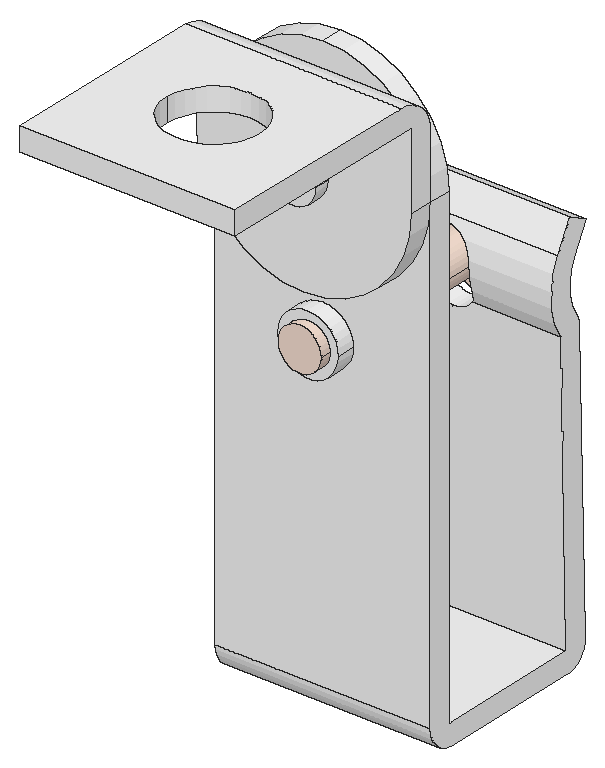
Revit family "RPフリーハンガー4分用（C-40×20)", category 機械設備, Revit 2020
Family settings
  丸型コネクタ寸法 = 直径を使用
  種別 = なし
  パーツ タイプ = 標準
  作業面ベース = いいえ
  常に垂直 = はい
  ロード時にボイドで切り取り = いいえ
  共有 = いいえ
  部屋計算ポイント = いいえ
Parameters
  製造元 = "株式会社桐井製作所"
  既定の高さ = 0 mm
  URL = "https://www.kirii.co.jp/"
  K_角度 [instance] = 90.00°
  K_材質 = "SGHC　一般用"
  K_外形寸法(mm) = "H84"
  K_品名 = "RPフリーハンガー4分用(C-40×20)"
  K_名称 = "耐震ハンガー"
  K_入数 = "100"
  K_バージョン情報 = "20211012"
  K_めっき付着量 = "Z12"
  K_JIS規格 = "JIS G 3302"
Reference planes
  plane 1 "中心(正面/背面)": y = 0
  plane 2: z = 0
  plane 3 "中心(左/右)": x = 0
Forms (mm)
  Extrusion 1, void
    sketch origin (0, -2.263, 0) x (1, 0, 0) y (0, 1, 0)
      loop
        circle (0, -16.737) r 6.5
    from 10.8 to 14
  Extrusion 2, solid
    sketch origin (0, -3.2, 0) x (0, 1, 0) y (0, 0, 1)
      loop
        line (-1.8, 14) -> (-30.79, 14) -> (-30.79, 10.8) -> (0, 10.8) -> (0, -15) -> (3.2, -15) -> (3.2, 9)
        arc (3.2, 9) -> (1.736, 12.536) -> (-1.8, 14) r 5
    from -15 to 15
  Extrusion 3, solid
    sketch origin (0, 0, 0) x (1, 0, 0) y (0, 0, 1)
      loop
        circle (0, 0) r 3.25
    from 3.2 to 5.2
  Extrusion 4, void
    sketch origin (0, 0, 0) x (1, 0, 0) y (0, 0, 1)
      loop
        line (-15, 0) -> (-15, -15) -> (0, -15)
        arc (0, -15) -> (-10.607, -10.607) -> (-15, 0) r 15
    from 0 to 5.2
  Extrusion 5, void
    sketch origin (0, 0, 0) x (-1, 0, 0) y (0, 0, -1)
      loop
        arc (-15, 0) -> (-10.607, 10.607) -> (0, 15) r 15
        line (0, 15) -> (-15, 15) -> (-15, 0)
    from 0 to 3.2
Cuts and joins
  Extrusion 1, Extrusion 4, Extrusion 5 cuts Extrusion 2
  Extrusion 4, Extrusion 5 cuts Extrusion 3
  joined: Extrusion 2, Extrusion 3
Dimensions and locks
  "K_角度": angle nested 1 to plane 2
  aligned and locked: level to plane 2
Automatic sketch dimensions
  Extrusion 1 sketch curve to plane 3 "中心(左/右)" = 0 mm
  plane 1 "中心(正面/背面)" to Extrusion 1 sketch curve = 19 mm
  Extrusion 2 sketch curve to plane 1 "中心(正面/背面)" = 0 mm
  plane 1 "中心(正面/背面)" to Extrusion 2 sketch curve = 3.2 mm
  Extrusion 2 sketch curve to Extrusion 2 sketch curve = 1.8 mm  (x2)
  level to Extrusion 2 sketch curve = 10.8 mm
  Extrusion 2 sketch curve to Extrusion 2 sketch curve = 28.99 mm
  Extrusion 2 sketch curve to level = 15 mm
  Extrusion 3 sketch curve to level = 0 mm
  Extrusion 3 sketch curve to plane 3 "中心(左/右)" = 0 mm
  Extrusion 4 sketch curve to level = 0 mm  (x2)
  Extrusion 4 sketch curve to plane 3 "中心(左/右)" = 0 mm
  Extrusion 4 sketch curve to level = 15 mm
  Extrusion 5 sketch curve to level = 0 mm  (x2)
  Extrusion 5 sketch curve to plane 3 "中心(左/右)" = 0 mm
  level to Extrusion 5 sketch curve = 15 mm
  radius of Extrusion 1 sketch curve = 6.5 mm
  radius of Extrusion 3 sketch curve = 3.25 mm
Nested families
  nested 1: "RPフリーハンガー(C40用)下部金具" at (0, 0, 0), type "RPフリーハンガー(C40用)下部金具"
Definition of nested family "RPフリーハンガー(C40用)下部金具"
  Parameters (values of type "RPフリーハンガー(C40用)下部金具")
    Manufacturer = "株式会社桐井製作所"
    Default Elevation = 0 mm
    URL = "https://www.kirii.co.jp/"
    K_名称 = "RPフリーハンガー(C38用)下部金具"
    K_バージョン情報 = "20211012"
  Reference planes
    plane 1 "中心(正面/背面)": y = 0
    plane 2: z = 0
    plane 3 "中心(左/右)": x = 0
  Forms (mm)
    Extrusion 1, solid
      sketch origin (0, 2, -91) x (0, 1, 0) y (0, 0, 1)
        loop
          line (1.2, 106) -> (-2, 106) -> (-2, 25.3)
          arc (-2, 25.3) -> (-0.916, 22.684) -> (1.7, 21.6) r 3.7
          line (1.7, 21.6) -> (21.713, 21.6)
          arc (21.713, 21.6) -> (24.005, 22.567) -> (24.912, 24.883) r 3.2
          line (24.912, 24.883) -> (23.881, 64.432)
          arc (23.881, 64.432) -> (23.749, 65.263) -> (23.405, 66.03) r 3.2
          arc (23.405, 66.03) -> (22.309, 69.56) -> (23.056, 73.18) r 7.4
          line (23.056, 73.18) -> (25.1, 77.121) -> (22.26, 78.594) -> (20.201, 74.624)
          arc (20.201, 74.624) -> (19.112, 69.424) -> (20.683, 64.348) r 10.6
          line (20.683, 64.348) -> (21.719, 24.6) -> (1.2, 24.6) -> (1.2, 106)
      from -15 to 15
    Extrusion 2, void
      sketch origin (0, 0, 0) x (1, 0, 0) y (0, 0, 1)
        loop
          arc (3.5, -20.734) -> (0, -17.234) -> (-3.5, -20.734) r 3.5
          line (-3.5, -20.734) -> (-3.5, -24.536)
          arc (-3.5, -24.536) -> (0, -28.036) -> (3.5, -24.536) r 3.5
          line (3.5, -24.536) -> (3.5, -20.734)
      from -26.14 to -20.821
    Extrusion 3, solid
      sketch origin (0, 0, 0) x (1, 0, 0) y (0, 0, 1)
        loop
          circle (0, 0) r 5
      from -5 to -3.2
    Extrusion 4, void
      sketch origin (0, 0, 0) x (1, 0, 0) y (0, 0, 1)
        loop
          line (0, 15) -> (-15, 15) -> (-15, 0)
          arc (-15, 0) -> (-10.607, 10.607) -> (0, 15) r 15
      from -3.2 to 0
    Extrusion 5, void
      sketch origin (0, 0, 0) x (-1, 0, 0) y (0, 0, -1)
        loop
          arc (0, -15) -> (-10.607, -10.607) -> (-15, 0) r 15
          line (-15, 0) -> (-15, -15) -> (0, -15)
      from -3.2 to 0
    Extrusion 6, solid
      sketch origin (0, 0, 0.031) x (1, 0, 0) y (0, 0, 1)
        loop
          circle (0, -21.873) r 4.25
      from 0 to 2.5
    Extrusion 7, void
      sketch origin (0, 0, 0.01) x (1, 0, 0) y (0, 0, 1)
        loop
          circle (0, -21.81) r 3
      from -3.2 to 2.5
    Extrusion 8, void
      sketch origin (0.022, 0, 0.046) x (1, 0, 0) y (0, 0, 1)
        loop
          circle (8.646, -2.5) r 2.5
        loop
          circle (-8.646, -2.5) r 2.5
      from -3.2 to 0
  Cuts and joins
    Extrusion 2, Extrusion 4, Extrusion 5, Extrusion 7, Extrusion 8 cuts Extrusion 1
    Extrusion 4, Extrusion 5, Extrusion 7 cuts Extrusion 3
    Extrusion 7 cuts Extrusion 6
    joined: Extrusion 1, Extrusion 3, Extrusion 6
  Dimensions and locks
    aligned and locked: level to plane 2
  Nested families
    nested 1: "M6×30ボルト" at (-0.011, 26.049, -21.6) x (-1, 0, 0) z (0, 0, 1), type "M6×30ボルト"
  Definition of nested family "M6×30ボルト"
    Parameters (values of type "M6×30ボルト")
      Manufacturer = "株式会社桐井製作所"
      Default Elevation = 0 mm
      URL = "https://www.kirii.co.jp/"
      K_名称 = "M6×30ボルト"
    Reference planes
      plane 1 "中心(正面/背面)": y = 0
      plane 2: z = 0
      plane 3 "中心(左/右)": x = 0
      plane 4 "正面": y = -4
    Forms (mm)
      Extrusion 1, solid
        sketch origin (0, 0, 0) x (1, 0, 0) y (0, 0, 1)
          loop
            line (-4.763, -2.946) -> (0, -5.696) -> (4.763, -2.946) -> (4.763, 2.554) -> (0, 5.304) -> (-4.763, 2.554) -> (-4.763, -2.946)
        from 0 to 4
      Extrusion 2, void
        sketch origin (0, -4, 0) x (-1, 0, 0) y (0, 0, 1)
          loop
            circle (0, -0.156) r 4.396
        from 0 to 1
      Extrusion 3, void
        sketch origin (0, -4, 0) x (-1, 0, 0) y (0, 0, 1)
          loop
            arc (-0.6, 1.814) -> (-1.069, 0.856) -> (-2.036, 0.404) r 1.605
            line (-2.036, 0.404) -> (-2.939, 0.404)
            arc (-2.939, 0.404) -> (-3, -0.195) -> (-2.94, -0.795) r 3
            line (-2.94, -0.795) -> (-2.049, -0.795)
            arc (-2.049, -0.795) -> (-1.074, -1.243) -> (-0.6, -2.206) r 1.605
            line (-0.6, -2.206) -> (-0.6, -3.135)
            arc (-0.6, -3.135) -> (0, -3.196) -> (0.6, -3.135) r 3
            line (0.6, -3.135) -> (0.6, -2.206)
            arc (0.6, -2.206) -> (1.074, -1.243) -> (2.049, -0.795) r 1.605
            line (2.049, -0.795) -> (2.94, -0.795)
            arc (2.94, -0.795) -> (3, -0.198) -> (2.941, 0.398) r 3
            line (2.941, 0.398) -> (2.117, 0.398)
            arc (2.117, 0.398) -> (1.098, 0.828) -> (0.6, 1.814) r 1.605
            line (0.6, 1.814) -> (0.6, 2.743)
            arc (0.6, 2.743) -> (0, 2.804) -> (-0.6, 2.743) r 3
            line (-0.6, 2.743) -> (-0.6, 1.814)
        from 0 to 2
      Extrusion 4, solid
        sketch origin (0, 0, 0) x (1, 0, 0) y (0, 0, 1)
          loop
            circle (-0.011, -0.2) r 3
        from 0 to -30
    Cuts and joins
      Extrusion 2, Extrusion 3 cuts Extrusion 1
      joined: Extrusion 1, Extrusion 4
    Dimensions and locks
      aligned and locked: level to plane 2
